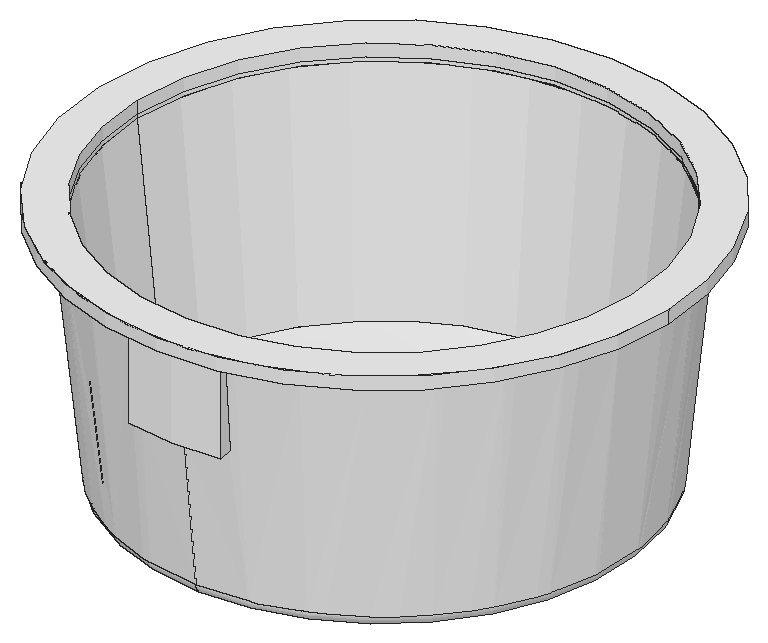
Revit family "BUILDMAT-SGQCSW00-Douglas-Granite-Sink-White", category Plumbing Fixtures, host Face, Revit 2026
Family settings
  Host = Face
  Round Connector Dimension = Use Diameter
  Part Type = Normal
  Enable Cutting in Views = Yes
  Cut with Voids When Loaded = No
  Maintain Annotation Orientation = No
  Shared = No
  Room Calculation Point = No
Parameters
  Width = 460 mm
  Sink_Material = BUILDMAT Matte White Granite
  Drain_Material = BUILDMAT Stainless Steel
  Depth = 210 mm
  Default Elevation = 1219.2 mm
Reference planes
  plane 1 "Center (Front/Back)": y = 0
  plane 2: z = 0
  plane 3 "Center (Left/Right)": x = 0
  plane 4: x = 230
  plane 5: x = -230
  plane 6: x = -200
  plane 7: x = 200
  plane 8: y = -230
  plane 9: y = 230
  plane 10: y = 200
  plane 11: y = -200
  plane 12: z = 10
  plane 13: z = -195
  plane 14: z = -200
  plane 15: x = -45
  plane 16: x = 45
  plane 17: y = -180
  plane 18: y = 180
  plane 19: z = -180
  plane 20: z = -185
  plane 21: x = 57
  plane 22: x = -57
  plane 23: y = 137.5
  plane 24: y = 23.5
  plane 25: y = 35.46
  plane 26: y = 125.476
Forms (mm)
  Extrusion 1, void
    sketch origin (0, -97.938, 0) x (1, 0, 0) y (0, 1, 0)
      loop
        circle (0, 97.931) r 215
    from -200 to 10
  Extrusion 2, solid, material "BUILDMAT Matte White Granite" <- "Sink_Material"
    sketch origin (0, 0, 0) x (1, 0, 0) y (0, 1, 0)
      loop
        circle (0, 0) r 215
      loop
        circle (0, 0) r 200
    from -3 to 0
  Revolve 3, solid, material "BUILDMAT Matte White Granite" <- "Sink_Material"
    sketch origin (0, 0, 0) x (0, 1, 0) y (0, 0, 1)
      loop
        line (210, -3) -> (0, -3) -> (0, -195) -> (180.988, -195)
        arc (180.988, -195) -> (187.682, -192.428) -> (190.934, -186.036) r 10
        line (190.934, -186.036) -> (210, -3)
      axis (0, -195) -> (0, -3)
    angle from 0 to 360
  Extrusion 4, solid, material "BUILDMAT Matte White Granite" <- "Sink_Material"
    sketch origin (0, 0, 0) x (1, 0, 0) y (0, 1, 0)
      loop
        circle (0, 0) r 230
      loop
        circle (0, 0) r 200
    from 0 to 10
  Revolve 5, solid, material "BUILDMAT Matte White Granite" <- "Sink_Material"
    sketch origin (0, 0, 0) x (0, 1, 0) y (0, 0, 1)
      loop
        line (-215, -3) -> (-215, -73) -> (-200, -73) -> (-207.034, -3) -> (-215, -3)
      axis (0, -73) -> (0, -3)
    angle from -10 to 10
  Blend 6, void
    base sketch origin (0, 0, 0) x (1, 0, 0) y (0, 1, 0)
      loop
        circle (0, 0) r 180
    top sketch origin (0, 0, 0) x (1, 0, 0) y (0, 1, 0)
      loop
        circle (0, 0) r 200
    from -180 to 0
  Blend 7, void
    base sketch origin (0, 0, 0) x (1, 0, 0) y (0, 1, 0)
      loop
        circle (0, 80.5) r 57
    top sketch origin (0, 0, 0) x (1, 0, 0) y (0, 1, 0)
      loop
        circle (0, 0) r 180
    from -185 to -180
  Revolve 8, solid
    sketch origin (0, 0, 0) x (0, 1, 0) y (0, 0, 1)
      loop
        line (10.648, -195) -> (15.648, -200) -> (35.46, -200) -> (35.46, -195) -> (10.648, -195)
      axis (80.418, -195) -> (80.418, -200)
    angle from 0 to 360
  Revolve 9, void
    sketch origin (0, 0, 0) x (0, 1, 0) y (0, 0, 1)
      loop
        line (80.518, -185) -> (80.518, -195) -> (125.476, -195) -> (125.476, -190) -> (137.5, -190) -> (137.5, -185) -> (80.518, -185)
      axis (80.518, -195) -> (80.518, -185)
    angle from 0 to 360
  Revolve 10, solid, material "BUILDMAT Stainless Steel" <- "Drain_Material"
    sketch origin (-229.098, 80.476, 1224.2) x (-1, 0, 0) y (0, 0, 1)
      loop
        line (-184.098, -1419.2) -> (-172.098, -1419.2) -> (-172.098, -1409.2) -> (-182.098, -1409.2)
        arc (-182.098, -1409.2) -> (-183.512, -1409.786) -> (-184.098, -1411.2) r 2
        line (-184.098, -1411.2) -> (-184.098, -1419.2)
      axis (-229.098, -1409.2) -> (-229.098, -1419.2)
    angle from 0 to 360
  Revolve 11, solid, material "BUILDMAT Stainless Steel" <- "Drain_Material"
    sketch origin (-229.098, 80.476, 1224.2) x (-1, 0, 0) y (0, 0, 1)
      loop
        line (-184.098, -1411.2) -> (-186.098, -1411.2)
        spline (-186.098, -1411.2) -> (-186.465, -1411.853) -> (-187.563, -1412.494) -> (-189.371, -1413.113) -> (-191.858, -1413.7) -> (-194.983, -1414.244) -> (-198.692, -1414.736) -> (-202.921, -1415.167) -> (-207.598, -1415.53) -> (-212.642, -1415.819) -> (-217.968, -1416.03) -> (-223.485, -1416.157) -> (-229.098, -1416.2)
        line (-229.098, -1416.2) -> (-229.098, -1419.2) -> (-184.098, -1419.2) -> (-184.098, -1411.2)
      axis (-229.098, -1411.2) -> (-229.098, -1419.2)
    angle from 0 to 360
Cuts and joins
  Revolve 9 cuts Extrusion 2
  Blend 6, Blend 7, Revolve 9 cuts Revolve 3
  Revolve 9 cuts Extrusion 4
  Revolve 9 cuts Revolve 5
  joined: Extrusion 2, Revolve 3, Extrusion 4, Revolve 5
Text (mm)
  text "Refer to www.buildmat.com.au for the most current product literature. \nAllow a +/- 5mm tolerance for dimensions shown in the product literature. \nPlease note product details are subject to change due to ongoing product development." at (0.056, -1035.857, 0), in view "Ref. Level"
Dimensions and locks
  equal spacing: plane 8, plane 1 "Center (Front/Back)", plane 9
  "Width": plane 5 to plane 4
  plane 5 to plane 6 to plane 7 to plane 4 = 30 mm, 400 mm, 30 mm
  equal spacing: plane 6, plane 3 "Center (Left/Right)", plane 7
  plane 8 to plane 9 = 460 mm
  plane 22 to plane 21 = 114 mm
  plane 15 to plane 16 = 90 mm
  plane 12 to host face = 10 mm
  "Depth": plane 12 to plane 14
  plane 12 to plane 13 = 205 mm
  aligned and locked: plane 2 to host face
  aligned and locked: level to host face
Automatic sketch dimensions
  host sketch curve to host sketch curve = 2438.4 mm  (x2)
  Extrusion 1 sketch curve to plane 3 "Center (Left/Right)" = 0 mm
  plane 1 "Center (Front/Back)" to Extrusion 1 sketch curve = 0.007 mm
  Extrusion 2 sketch curve to Extrusion 2 sketch curve = 0 mm  (x2)
  plane 1 "Center (Front/Back)" to Extrusion 2 sketch curve = 0 mm
  Extrusion 2 sketch curve to plane 3 "Center (Left/Right)" = 0 mm
  Revolve 3 sketch curve to plane 1 "Center (Front/Back)" = 0 mm  (x2)
  Revolve 3 sketch curve to plane 13 = 0 mm  (x2)
  Revolve 3 sketch curve to plane 20 = 0 mm
  Revolve 3 sketch curve to plane 18 = 0.988 mm
  Revolve 3 sketch curve to plane 20 = 1.036 mm
  Revolve 3 sketch curve to level = 3 mm
  Revolve 3 sketch curve to plane 10 = 10 mm
  Revolve 3 sketch curve to Revolve 3 sketch curve = 0 mm
  Extrusion 4 sketch curve to Extrusion 4 sketch curve = 0 mm  (x2)
  plane 1 "Center (Front/Back)" to Extrusion 4 sketch curve = 0 mm
  Extrusion 4 sketch curve to plane 3 "Center (Left/Right)" = 0 mm
  Revolve 5 sketch curve to plane 11 = 0 mm
  Revolve 5 sketch curve to level = 0 mm
  Revolve 5 sketch curve to plane 1 "Center (Front/Back)" = 0 mm
  Revolve 5 sketch curve to level = 3 mm
  Revolve 5 sketch curve to plane 11 = 7.034 mm
  Revolve 5 sketch curve to Revolve 5 sketch curve = 7.966 mm
  Revolve 5 sketch curve to Revolve 5 sketch curve = 70 mm
  Revolve 5 sketch curve to level = 70 mm
  plane 1 "Center (Front/Back)" to Blend 6 sketch curve = 0 mm  (x2)
  Blend 6 sketch curve to plane 3 "Center (Left/Right)" = 0 mm  (x2)
  plane 1 "Center (Front/Back)" to Blend 7 sketch curve = 0 mm
  Blend 7 sketch curve to plane 3 "Center (Left/Right)" = 0 mm  (x2)
  plane 26 to Blend 7 sketch curve = 44.976 mm
  Revolve 8 sketch curve to plane 13 = 0 mm  (x2)
  Revolve 8 sketch curve to plane 14 = 0 mm  (x2)
  Revolve 8 sketch curve to plane 25 = 0 mm
  plane 24 to Revolve 8 sketch curve = 7.852 mm
  Revolve 8 sketch curve to Revolve 8 sketch curve = 5 mm
  Revolve 8 sketch curve to plane 25 = 44.958 mm
  Revolve 9 sketch curve to plane 20 = 0 mm  (x2)
  Revolve 9 sketch curve to plane 13 = 0 mm  (x2)
  Revolve 9 sketch curve to plane 26 = 0 mm
  Revolve 9 sketch curve to plane 23 = 0 mm
  Revolve 9 sketch curve to Revolve 9 sketch curve = 44.958 mm
  Revolve 9 sketch curve to Revolve 9 sketch curve = 5 mm
  Revolve 9 sketch curve to Revolve 9 sketch curve = 0 mm
  Revolve 10 sketch curve to plane 3 "Center (Left/Right)" = 0 mm
  Revolve 10 sketch curve to plane 13 = 0 mm
  Revolve 10 sketch curve to plane 15 = 0 mm
  Revolve 10 sketch curve to plane 20 = 0 mm
  Revolve 10 sketch curve to plane 22 = 0 mm
  Revolve 10 sketch curve to plane 15 = 2 mm
  Revolve 10 sketch curve to plane 14 = 21.089 mm
  plane 19 to Revolve 10 sketch curve = 28.911 mm
  Revolve 11 sketch curve to plane 3 "Center (Left/Right)" = 0 mm  (x2)
  Revolve 11 sketch curve to plane 13 = 0 mm
  Revolve 11 sketch curve to plane 15 = 0 mm
  plane 15 to Revolve 11 sketch curve = 2 mm
  Revolve 11 sketch curve to Revolve 11 sketch curve = 3 mm
  Revolve 11 sketch curve to plane 20 = 2 mm
  Revolve 11 sketch curve to plane 14 = 22.809 mm
  plane 19 to Revolve 11 sketch curve = 24.46 mm
  radius of Extrusion 1 sketch curve = 215 mm
  radius of Extrusion 2 sketch curve = 215 mm
  radius of Extrusion 2 sketch curve = 200 mm
  radius of Extrusion 4 sketch curve = 230 mm
  radius of Extrusion 4 sketch curve = 200 mm
  radius of Blend 6 sketch curve = 180 mm
  radius of Blend 6 sketch curve = 200 mm
  radius of Blend 7 sketch curve = 180 mm
  radius of Blend 7 sketch curve = 57 mm
